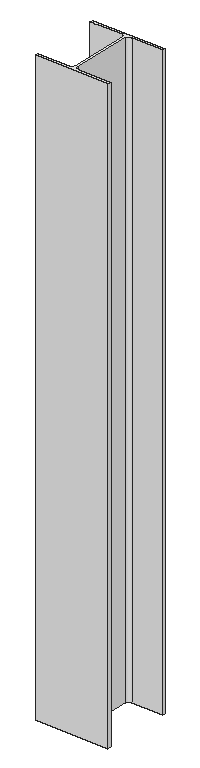
Revit family
Parameters (values of type "305x305x79UBP")
  Column Material [instance] = Metal - Steel - 345 MPa
  Assembly Code = ""
  A = 0.01 m²
  Ix = 16440
  M = 78.9
  Nominal h = "305"
  Zx = 1099
  b = 306.4 mm
  h = 299.3 mm
  r = 15.2 mm
  s = 11 mm
  t = 11.1 mm
Reference planes
  plane 1: y = 0
  plane 2: z = 0
  plane 3: x = 0
  plane 4: x = -153.2
  plane 5: x = 153.2
  plane 6: y = 149.65
  plane 7: y = -149.65
  plane 8: x = -3.969
  plane 9: x = 3.969
Forms (mm)
  Extrusion 1, solid, material "Metal - Steel - 345 MPa" <- "Column Material", detail levels medium
    sketch origin (0, 0, 0) x (1, 0, 0) y (0, 1, 0)
      loop
        line (-153.2, 149.65) -> (-153.2, 138.55) -> (-5.5, 138.55) -> (-5.5, -138.55) -> (-153.2, -138.55) -> (-153.2, -149.65) -> (153.2, -149.65) -> (153.2, -138.55) -> (5.5, -138.55) -> (5.5, 138.55) -> (153.2, 138.55) -> (153.2, 149.65) -> (-153.2, 149.65)
    from 0 to 2500
  Extrusion 2, solid, material "Metal - Steel - 345 MPa" <- "Column Material", detail levels fine
    sketch origin (0, 0, 0) x (1, 0, 0) y (0, 1, 0)
      loop
        line (-153.2, 149.65) -> (-153.2, 138.55) -> (-20.7, 138.55)
        arc (-20.7, 138.55) -> (-9.952, 134.098) -> (-5.5, 123.35) r 15.2
        line (-5.5, 123.35) -> (-5.5, -123.35)
        arc (-5.5, -123.35) -> (-9.952, -134.098) -> (-20.7, -138.55) r 15.2
        line (-20.7, -138.55) -> (-153.2, -138.55) -> (-153.2, -149.65) -> (153.2, -149.65) -> (153.2, -138.55) -> (20.7, -138.55)
        arc (20.7, -138.55) -> (9.952, -134.098) -> (5.5, -123.35) r 15.2
        line (5.5, -123.35) -> (5.5, 123.35)
        arc (5.5, 123.35) -> (9.952, 134.098) -> (20.7, 138.55) r 15.2
        line (20.7, 138.55) -> (153.2, 138.55) -> (153.2, 149.65) -> (-153.2, 149.65)
    from 0 to 2500
Lines and regions (mm)
  symbolic lines, style "StructuralColumnStickSymbols", detail levels coarse
    curve 1: line (-153.2, 149.65, 0) -> (153.2, 149.65, 0)
    curve 2: line (-153.2, -149.65, 0) -> (153.2, -149.65, 0)
    curve 3: line (0, 149.65, 0) -> (0, -149.65, 0)
  symbolic lines, style "Hidden Faces", detail levels medium+fine
    curve 4: line (-3.969, 0, 0) -> (-3.969, 0, 2500)
    curve 5: line (3.969, 0, 2500) -> (3.969, 0, 0)
Dimensions and locks
  equal spacing: plane 4, plane 3, plane 5
  equal spacing: plane 7, plane 1, plane 6
  "h": plane 7 to plane 6
  "b": plane 4 to plane 5
  "t": plane 7 to Extrusion 1 sketch curve
  "t": Extrusion 1 sketch curve to plane 6
  equal spacing: Extrusion 1 sketch curve, plane 3, Extrusion 1 sketch curve
  "s": Extrusion 1 sketch curve to Extrusion 1 sketch curve
  "r": radius of Extrusion 2 sketch curve  (x4)
  aligned and locked: plane 6 to Extrusion 1 sketch curve
  aligned and locked: Extrusion 1 sketch curve to plane 7
  aligned and locked: Extrusion 1 sketch curve to plane 4  (x2)
  aligned and locked: plane 5 to Extrusion 1 sketch curve  (x2)
  aligned and locked: Extrusion 1 sketch curve to Extrusion 1 sketch curve  (x2)
  aligned and locked: level to Extrusion 1
  aligned and locked: level to plane 2
  aligned and locked: Extrusion 1 to plane 2
  aligned and locked: plane 6 to Extrusion 2 sketch curve
  aligned and locked: plane 5 to Extrusion 2 sketch curve  (x2)
  aligned and locked: Extrusion 2 sketch curve to plane 4  (x2)
  aligned and locked: Extrusion 2 sketch curve to Extrusion 1  (x6)
  aligned and locked: Extrusion 2 sketch curve to plane 7
  aligned and locked: level to Extrusion 2
  aligned and locked: Extrusion 2 to level
Automatic sketch dimensions
  curve 2 to plane 4 = 0 mm
  curve 1 to plane 4 = 0 mm
  curve 3 to plane 3 = 0 mm
  curve 2 to plane 5 = 0 mm
  curve 1 to plane 5 = 0 mm
  curve 3 to plane 7 = 0 mm
  curve 3 to plane 6 = 0 mm
  curve 4 to level = 0 mm  (x2)
  curve 4 to plane 8 = 0 mm
  curve 5 to level = 0 mm  (x2)
  curve 5 to plane 9 = 0 mm
